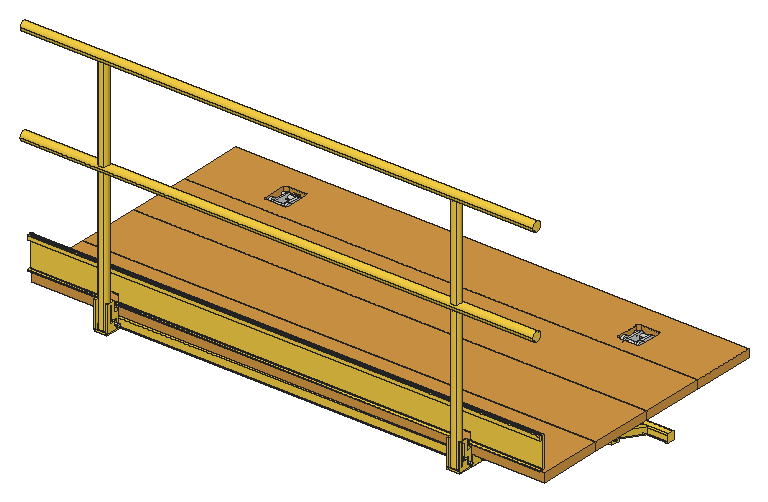
Revit family "MF_POURING PLATFORM_1904402", category Modelos genéricos, Revit 2018
Family settings
  Puede alojar armadura = No
  Cota de conector redondo = Diámetro de uso
  Tipo de pieza = Normal
  Número OmniClass = 35.51.14.00
  Título OmniClass = FORMWORK
  Se basa en plano de trabajo = Sí
  Siempre vertical = No
  Corte con vacíos al cargar = No
  Compartido = Sí
  Punto de cálculo de habitación = No
Parameters
  VERSION = "20170217"  # constant formula
  URL = "www.ulmaconstruction.com/en"
  UNICLASS = ""
  Fabricante = "ULMA CONSTRUCTION"  # constant formula
  ITEM_CODE = "1904402"
  FILTER [instance] = ""
  Default Elevation = 0.000 mm
  CLASSIFICATION_TITLE = ""
  CLASSIFICATION_NUMBER = ""
Reference planes
  plane 1 "Centro (Frontal/Posterior)": y = 0
  plane 2: z = 0
  plane 3 "Centro (Izquierda/Derecha)": x = 0
Forms (mm)
  Extrusion 1, solid, material "ULMA YELLOW"
    sketch origin (0, 0, 0) x (0, 1, 0) y (0, 0, 1)
      loop
        circle (-1123.62, 697.322) r 21
      loop
        circle (-1123.62, 1162.322) r 21
    from -1210 to 1210
  Extrusion 2, solid, material "ULMA YELLOW"
    sketch origin (0, 0, 0) x (1, 0, 0) y (0, 1, 0)
      loop
        arc (-845, -1107.128) -> (-853, -1123.62) -> (-845, -1140.112) r 21
        arc (-845, -1140.112) -> (-832, -1144.62) -> (-819, -1140.112) r 21
        arc (-819, -1140.112) -> (-811, -1123.62) -> (-819, -1107.128) r 21
        arc (-819, -1107.128) -> (-832, -1102.62) -> (-845, -1107.128) r 21
      loop
        arc (819, -1107.128) -> (811, -1123.62) -> (819, -1140.112) r 21
        arc (819, -1140.112) -> (832, -1144.62) -> (845, -1140.112) r 21
        arc (845, -1140.112) -> (853, -1123.62) -> (845, -1107.128) r 21
        arc (845, -1107.128) -> (832, -1102.62) -> (819, -1107.128) r 21
    from 18.322 to 684.322
  Extrusion 3, solid, material "ULMA YELLOW"
    sketch origin (0, 0, 465) x (1, 0, 0) y (0, 1, 0)
      loop
        arc (-845, -1107.128) -> (-853, -1123.62) -> (-845, -1140.112) r 21
        arc (-845, -1140.112) -> (-832, -1144.62) -> (-819, -1140.112) r 21
        arc (-819, -1140.112) -> (-811, -1123.62) -> (-819, -1107.128) r 21
        arc (-819, -1107.128) -> (-832, -1102.62) -> (-845, -1107.128) r 21
      loop
        arc (819, -1107.128) -> (811, -1123.62) -> (819, -1140.112) r 21
        arc (819, -1140.112) -> (832, -1144.62) -> (845, -1140.112) r 21
        arc (845, -1140.112) -> (853, -1123.62) -> (845, -1107.128) r 21
        arc (845, -1107.128) -> (832, -1102.62) -> (819, -1107.128) r 21
    from 245.322 to 684.322
  Extrusion 4, void
    sketch origin (0, 0, 0) x (0, 1, 0) y (0, 0, 1)
      loop
        circle (-1123.62, 697.322) r 21
    from 811 to 853
  Extrusion 5, void
    sketch origin (-1664, 0, 0) x (0, 1, 0) y (0, 0, 1)
      loop
        circle (-1123.62, 697.322) r 21
    from 811 to 853
  Extrusion 6, void
    sketch origin (0, 0, 465) x (0, 1, 0) y (0, 0, 1)
      loop
        arc (-1140.112, 684.322) -> (-1123.62, 676.322) -> (-1107.128, 684.322) r 21
        line (-1107.128, 684.322) -> (-1140.112, 684.322)
    from 811 to 853
  Extrusion 7, void
    sketch origin (-1663.963, 0, 465.039) x (0, 1, 0) y (0, 0, 1)
      loop
        arc (-1140.112, 684.322) -> (-1123.62, 676.322) -> (-1107.128, 684.322) r 21
        line (-1107.128, 684.322) -> (-1140.112, 684.322)
    from 811 to 853
  Extrusion 8, void
    sketch origin (-1664, 0, 465) x (0, 1, 0) y (0, 0, 1)
      loop
        arc (-1140.143, 684.361) -> (-1123.62, 676.322) -> (-1107.097, 684.361) r 21
        line (-1107.097, 684.361) -> (-1140.143, 684.361)
    from 811 to 853
  Extrusion 9, solid, material "ULMA YELLOW"
    sketch origin (0, 0, 0) x (1, 0, 0) y (0, 1, 0)
      loop
        line (-867, 130) -> (-867, 125) -> (-867, 120) -> (-797, 120) -> (-797, 125) -> (-797, 130) -> (-867, 130)
    from -40 to 60
  Extrusion 10, solid, material "ULMA YELLOW"
    sketch origin (1664, 0, 0) x (1, 0, 0) y (0, 1, 0)
      loop
        line (-867, 130) -> (-867, 125) -> (-867, 120) -> (-797, 120) -> (-797, 125) -> (-797, 130) -> (-867, 130)
    from -40 to 60
  Extrusion 11, solid, material "ULMA YELLOW"
    sketch origin (0, 0, 0) x (1, 0, 0) y (0, 0, 1)
      loop
        line (856, 60) -> (808, 60)
        arc (808, 60) -> (803.757, 58.243) -> (802, 54) r 6
        line (802, 54) -> (802, 6)
        arc (802, 6) -> (803.757, 1.757) -> (808, 0) r 6
        line (808, 0) -> (856, 0)
        arc (856, 0) -> (860.243, 1.757) -> (862, 6) r 6
        line (862, 6) -> (862, 54)
        arc (862, 54) -> (860.243, 58.243) -> (856, 60) r 6
    from -120 to 1030
  Extrusion 12, solid, material "ULMA YELLOW"
    sketch origin (-1664, 0, 0) x (1, 0, 0) y (0, 0, 1)
      loop
        line (856, 60) -> (808, 60)
        arc (808, 60) -> (803.757, 58.243) -> (802, 54) r 6
        line (802, 54) -> (802, 6)
        arc (802, 6) -> (803.757, 1.757) -> (808, 0) r 6
        line (808, 0) -> (856, 0)
        arc (856, 0) -> (860.243, 1.757) -> (862, 6) r 6
        line (862, 6) -> (862, 54)
        arc (862, 54) -> (860.243, 58.243) -> (856, 60) r 6
    from -120 to 1030
  Extrusion 13, solid, material "ULMA YELLOW"
    sketch origin (0, 0, 0) x (0, 1, 0) y (0, 0, 1)
      loop
        arc (-1080, 16) -> (-1078.243, 11.757) -> (-1074, 10) r 6
        line (-1074, 10) -> (-1036, 10)
        arc (-1036, 10) -> (-1031.757, 11.757) -> (-1030, 16) r 6
        line (-1030, 16) -> (-1030, 54)
        arc (-1030, 54) -> (-1031.757, 58.243) -> (-1036, 60) r 6
        line (-1036, 60) -> (-1074, 60)
        arc (-1074, 60) -> (-1078.243, 58.243) -> (-1080, 54) r 6
        line (-1080, 54) -> (-1080, 16)
    from -872.5 to 872.5
  Extrusion 14, solid, material "ULMA YELLOW"
    sketch origin (0, 0, 0) x (0, 1, 0) y (0, 0, 1)
      loop
        line (109, 60) -> (71, 60)
        arc (71, 60) -> (66.757, 58.243) -> (65, 54) r 6
        line (65, 54) -> (65, 16)
        arc (65, 16) -> (66.757, 11.757) -> (71, 10) r 6
        line (71, 10) -> (109, 10)
        arc (109, 10) -> (113.243, 11.757) -> (115, 16) r 6
        line (115, 16) -> (115, 54)
        arc (115, 54) -> (113.243, 58.243) -> (109, 60) r 6
    from -802 to 802
  Extrusion 15, solid, material "ULMA YELLOW", detail levels fine
    sketch origin (0, -27.607, -321.361) x (1, 0, 0) y (0, 0.313918, 0.94945)
      loop
        line (856, 40) -> (808, 40)
        arc (808, 40) -> (803.757, 38.243) -> (802, 34) r 6
        line (802, 34) -> (802, 6)
        arc (802, 6) -> (803.757, 1.757) -> (808, 0) r 6
        line (808, 0) -> (856, 0)
        arc (856, 0) -> (860.243, 1.757) -> (862, 6) r 6
        line (862, 6) -> (862, 34)
        arc (862, 34) -> (860.243, 38.243) -> (856, 40) r 6
    from 13.976 to 876.726
  Extrusion 16, solid, material "ULMA YELLOW", detail levels fine
    sketch origin (-1664, -27.607, -321.361) x (1, 0, 0) y (0, 0.313918, 0.94945)
      loop
        line (856, 40) -> (808, 40)
        arc (808, 40) -> (803.757, 38.243) -> (802, 34) r 6
        line (802, 34) -> (802, 6)
        arc (802, 6) -> (803.757, 1.757) -> (808, 0) r 6
        line (808, 0) -> (856, 0)
        arc (856, 0) -> (860.243, 1.757) -> (862, 6) r 6
        line (862, 6) -> (862, 34)
        arc (862, 34) -> (860.243, 38.243) -> (856, 40) r 6
    from 13.976 to 876.726
  Extrusion 17, void
    sketch origin (0, 0, 0) x (0, 1, 0) y (0, 0, 1)
      loop
        line (-41.589, -319.129) -> (-28.32, -278.996) -> (-41.589, -274.608) -> (-41.589, -319.129)
    from 801.5 to 862.5
  Extrusion 18, void
    sketch origin (0, 0, 0) x (0, 1, 0) y (0, 0, 1)
      loop
        line (-41.589, -274.608) -> (-41.589, -319.129) -> (-28.32, -278.996) -> (-41.589, -274.608)
    from -801.5 to -862.5
  Extrusion 19, solid, material "ULMA YELLOW", detail levels fine
    sketch origin (0, 0, 0) x (0, 1, 0) y (0, 0, 1)
      loop
        arc (-35.591, -276.738) -> (-39.891, -278.553) -> (-41.589, -282.9) r 6
        line (-41.589, -282.9) -> (-41.589, -310.738)
        arc (-41.589, -310.738) -> (-39.774, -315.038) -> (-35.427, -316.736) r 6
        line (-35.427, -316.736) -> (-7.589, -316.736)
        arc (-7.589, -316.736) -> (-3.289, -314.92) -> (-1.591, -310.573) r 6
        line (-1.591, -310.573) -> (-1.591, -282.736)
        arc (-1.591, -282.736) -> (-3.406, -278.436) -> (-7.754, -276.738) r 6
        line (-7.754, -276.738) -> (-35.591, -276.738)
    from 577 to 962
  Extrusion 20, solid, material "ULMA YELLOW", detail levels fine
    sketch origin (-1539, 0, 0) x (0, 1, 0) y (0, 0, 1)
      loop
        arc (-35.591, -276.738) -> (-39.891, -278.553) -> (-41.589, -282.9) r 6
        line (-41.589, -282.9) -> (-41.589, -310.738)
        arc (-41.589, -310.738) -> (-39.774, -315.038) -> (-35.427, -316.736) r 6
        line (-35.427, -316.736) -> (-7.589, -316.736)
        arc (-7.589, -316.736) -> (-3.289, -314.92) -> (-1.591, -310.573) r 6
        line (-1.591, -310.573) -> (-1.591, -282.736)
        arc (-1.591, -282.736) -> (-3.406, -278.436) -> (-7.754, -276.738) r 6
        line (-7.754, -276.738) -> (-35.591, -276.738)
    from 577 to 962
  Extrusion 21, solid, material "ULMA YELLOW", detail levels fine
    sketch origin (0, 0, 0) x (0, 1, 0) y (0, 0, 1)
      loop
        line (-269.042, -250.378) -> (-266.065, -250.751) -> (-232.329, -254.979) -> (-229.352, -255.353) -> (-219.986, -180.617) -> (-192.046, 42.319) -> (-195.023, 42.692) -> (-228.759, 46.92) -> (-231.736, 47.293) -> (-269.042, -250.378)
    from 785.5 to 802
  Extrusion 22, solid, material "ULMA YELLOW", detail levels fine
    sketch origin (78, 0, 0) x (0, 1, 0) y (0, 0, 1)
      loop
        line (-269.042, -250.378) -> (-266.065, -250.751) -> (-232.329, -254.979) -> (-229.352, -255.353) -> (-219.986, -180.617) -> (-192.046, 42.319) -> (-195.023, 42.692) -> (-228.759, 46.92) -> (-231.736, 47.293) -> (-269.042, -250.378)
    from 785.5 to 802
  Extrusion 23, solid, material "ULMA YELLOW", detail levels fine
    sketch origin (-1586, 0, 0) x (0, 1, 0) y (0, 0, 1)
      loop
        line (-269.042, -250.378) -> (-266.065, -250.751) -> (-232.329, -254.979) -> (-229.352, -255.353) -> (-219.986, -180.617) -> (-192.046, 42.319) -> (-195.023, 42.692) -> (-228.759, 46.92) -> (-231.736, 47.293) -> (-269.042, -250.378)
    from 785.5 to 802
  Extrusion 24, solid, material "ULMA YELLOW", detail levels fine
    sketch origin (-1664, 0, 0) x (0, 1, 0) y (0, 0, 1)
      loop
        line (-269.042, -250.378) -> (-266.065, -250.751) -> (-232.329, -254.979) -> (-229.352, -255.353) -> (-219.986, -180.617) -> (-192.046, 42.319) -> (-195.023, 42.692) -> (-228.759, 46.92) -> (-231.736, 47.293) -> (-269.042, -250.378)
    from 785.5 to 802
  Extrusion 25, solid, material "ULMA YELLOW", detail levels fine
    sketch origin (0, 0, 0) x (0, 1, 0) y (0, 0, 1)
      loop
        line (-215.673, -146.206) -> (-219.404, -175.973) -> (-214.443, -176.595) -> (-210.712, -146.828) -> (-215.673, -146.206)
    from 788 to 876
  Extrusion 26, solid, material "ULMA YELLOW", detail levels fine
    sketch origin (0, 0, 0) x (0, 1, 0) y (0, 0, 1)
      loop
        line (-198.264, -7.293) -> (-163.536, -11.645)
        arc (-163.536, -11.645) -> (-148.775, -7.592) -> (-141.204, 5.712) r 20
        line (-141.204, 5.712) -> (-139.96, 15.635)
        arc (-139.96, 15.635) -> (-144.014, 30.396) -> (-157.318, 37.967) r 20
        line (-157.318, 37.967) -> (-192.046, 42.319) -> (-198.264, -7.293)
    from 868.5 to 873.5
  Extrusion 27, solid, material "ULMA YELLOW", detail levels fine
    sketch origin (-1664, 0, 0) x (0, 1, 0) y (0, 0, 1)
      loop
        line (-215.673, -146.206) -> (-219.404, -175.973) -> (-214.443, -176.595) -> (-210.712, -146.828) -> (-215.673, -146.206)
    from 788 to 876
  Extrusion 28, solid, material "ULMA YELLOW", detail levels fine
    sketch origin (-78, 0, 0) x (0, 1, 0) y (0, 0, 1)
      loop
        line (-198.264, -7.293) -> (-163.536, -11.645)
        arc (-163.536, -11.645) -> (-148.775, -7.592) -> (-141.204, 5.712) r 20
        line (-141.204, 5.712) -> (-139.96, 15.635)
        arc (-139.96, 15.635) -> (-144.014, 30.396) -> (-157.318, 37.967) r 20
        line (-157.318, 37.967) -> (-192.046, 42.319) -> (-198.264, -7.293)
    from 868.5 to 873.5
  Extrusion 29, solid, material "ULMA YELLOW", detail levels fine
    sketch origin (-1664, 0, 0) x (0, 1, 0) y (0, 0, 1)
      loop
        line (-198.264, -7.293) -> (-163.536, -11.645)
        arc (-163.536, -11.645) -> (-148.775, -7.592) -> (-141.204, 5.712) r 20
        line (-141.204, 5.712) -> (-139.96, 15.635)
        arc (-139.96, 15.635) -> (-144.014, 30.396) -> (-157.318, 37.967) r 20
        line (-157.318, 37.967) -> (-192.046, 42.319) -> (-198.264, -7.293)
    from 868.5 to 873.5
  Extrusion 30, solid, material "ULMA YELLOW", detail levels fine
    sketch origin (-1742, 0, 0) x (0, 1, 0) y (0, 0, 1)
      loop
        line (-198.264, -7.293) -> (-163.536, -11.645)
        arc (-163.536, -11.645) -> (-148.775, -7.592) -> (-141.204, 5.712) r 20
        line (-141.204, 5.712) -> (-139.96, 15.635)
        arc (-139.96, 15.635) -> (-144.014, 30.396) -> (-157.318, 37.967) r 20
        line (-157.318, 37.967) -> (-192.046, 42.319) -> (-198.264, -7.293)
    from 868.5 to 873.5
  Extrusion 31, solid, material "ULMA ZINC", detail levels fine
    sketch origin (0, 0, 0) x (0, 1, 0) y (0, 0, 1)
      loop
        line (-37.334, 14.609) -> (-31.953, 14.882) -> (-26.527, 15.157) -> (-21.146, 15.43) -> (-19.191, 19.251) -> (-14.959, 27.523) -> (-13.257, 30.849) -> (-15.287, 33.987) -> (-20.334, 41.788) -> (-22.666, 45.391) -> (-28.047, 45.118) -> (-33.473, 44.843) -> (-38.854, 44.57) -> (-40.809, 40.749) -> (-45.041, 32.477) -> (-46.743, 29.151) -> (-44.713, 26.013) -> (-39.666, 18.212) -> (-37.334, 14.609)
    from 874 to 889
  Extrusion 32, solid, material "ULMA ZINC", detail levels fine
    sketch origin (0, 0, 0) x (0, 1, 0) y (0, 0, 1)
      loop
        line (-206.232, 7.53) -> (-200.622, 14.936) -> (-198.365, 17.915) -> (-199.817, 21.359) -> (-203.426, 29.92) -> (-205.093, 33.876) -> (-210.439, 34.546) -> (-215.83, 35.221) -> (-221.177, 35.891) -> (-223.768, 32.47) -> (-229.378, 25.064) -> (-231.635, 22.085) -> (-230.183, 18.641) -> (-226.574, 10.08) -> (-224.907, 6.124) -> (-219.561, 5.454) -> (-214.17, 4.779) -> (-208.823, 4.109) -> (-206.232, 7.53)
    from 893.5 to 878.5
  Extrusion 33, solid, material "ULMA ZINC", detail levels fine
    sketch origin (0, 0, 0) x (0, 1, 0) y (0, 0, 1)
      loop
        line (-826.764, -49.897) -> (-818.717, -45.251) -> (-815, -43.105) -> (-815, -37.717) -> (-815, -32.283) -> (-815, -26.895) -> (-818.717, -24.749) -> (-826.764, -20.103) -> (-830, -18.235) -> (-833.236, -20.103) -> (-841.283, -24.749) -> (-845, -26.895) -> (-845, -32.283) -> (-845, -37.717) -> (-845, -43.105) -> (-841.283, -45.251) -> (-833.236, -49.897) -> (-830, -51.765) -> (-826.764, -49.897)
    from 778.5 to 791.1
  Extrusion 34, solid, material "ULMA ZINC", detail levels fine
    sketch origin (0, 0, 0) x (0, 1, 0) y (0, 0, 1)
      loop
        line (-984.764, 15.103) -> (-976.717, 19.749) -> (-973, 21.895) -> (-973, 27.283) -> (-973, 32.717) -> (-973, 38.105) -> (-976.717, 40.251) -> (-984.764, 44.897) -> (-988, 46.765) -> (-991.236, 44.897) -> (-999.283, 40.251) -> (-1003, 38.105) -> (-1003, 32.717) -> (-1003, 27.283) -> (-1003, 21.895) -> (-999.283, 19.749) -> (-991.236, 15.103) -> (-988, 13.235) -> (-984.764, 15.103)
    from 889 to 874
  Extrusion 35, solid, material "ULMA ZINC", detail levels fine
    sketch origin (94, 0, 0) x (0, 1, 0) y (0, 0, 1)
      loop
        line (-826.764, -49.897) -> (-818.717, -45.251) -> (-815, -43.105) -> (-815, -37.717) -> (-815, -32.283) -> (-815, -26.895) -> (-818.717, -24.749) -> (-826.764, -20.103) -> (-830, -18.235) -> (-833.236, -20.103) -> (-841.283, -24.749) -> (-845, -26.895) -> (-845, -32.283) -> (-845, -37.717) -> (-845, -43.105) -> (-841.283, -45.251) -> (-833.236, -49.897) -> (-830, -51.765) -> (-826.764, -49.897)
    from 778.5 to 793.5
  Extrusion 36, solid, material "ULMA ZINC", detail levels fine
    sketch origin (-1666, 0, 0) x (0, 1, 0) y (0, 0, 1)
      loop
        line (-826.764, -49.897) -> (-818.717, -45.251) -> (-815, -43.105) -> (-815, -37.717) -> (-815, -32.283) -> (-815, -26.895) -> (-818.717, -24.749) -> (-826.764, -20.103) -> (-830, -18.235) -> (-833.236, -20.103) -> (-841.283, -24.749) -> (-845, -26.895) -> (-845, -32.283) -> (-845, -37.717) -> (-845, -43.105) -> (-841.283, -45.251) -> (-833.236, -49.897) -> (-830, -51.765) -> (-826.764, -49.897)
    from 778.5 to 793.5
  Extrusion 37, solid, material "ULMA ZINC", detail levels fine
    sketch origin (-1572, 0, 0) x (0, 1, 0) y (0, 0, 1)
      loop
        line (-826.764, -49.897) -> (-818.717, -45.251) -> (-815, -43.105) -> (-815, -37.717) -> (-815, -32.283) -> (-815, -26.895) -> (-818.717, -24.749) -> (-826.764, -20.103) -> (-830, -18.235) -> (-833.236, -20.103) -> (-841.283, -24.749) -> (-845, -26.895) -> (-845, -32.283) -> (-845, -37.717) -> (-845, -43.105) -> (-841.283, -45.251) -> (-833.236, -49.897) -> (-830, -51.765) -> (-826.764, -49.897)
    from 780.9 to 793.5
  Extrusion 38, solid, material "ULMA ZINC", detail levels fine
    sketch origin (-108.4, 0, 0) x (0, 1, 0) y (0, 0, 1)
      loop
        line (-206.232, 7.53) -> (-200.622, 14.936) -> (-198.365, 17.915) -> (-199.817, 21.359) -> (-203.426, 29.92) -> (-205.093, 33.876) -> (-210.439, 34.546) -> (-215.83, 35.221) -> (-221.177, 35.891) -> (-223.768, 32.47) -> (-229.378, 25.064) -> (-231.635, 22.085) -> (-230.183, 18.641) -> (-226.574, 10.08) -> (-224.907, 6.124) -> (-219.561, 5.454) -> (-214.17, 4.779) -> (-208.823, 4.109) -> (-206.232, 7.53)
    from 893.5 to 880.9
  Extrusion 39, solid, material "ULMA ZINC", detail levels fine
    sketch origin (-1666, 0, 0) x (0, 1, 0) y (0, 0, 1)
      loop
        line (-206.232, 7.53) -> (-200.622, 14.936) -> (-198.365, 17.915) -> (-199.817, 21.359) -> (-203.426, 29.92) -> (-205.093, 33.876) -> (-210.439, 34.546) -> (-215.83, 35.221) -> (-221.177, 35.891) -> (-223.768, 32.47) -> (-229.378, 25.064) -> (-231.635, 22.085) -> (-230.183, 18.641) -> (-226.574, 10.08) -> (-224.907, 6.124) -> (-219.561, 5.454) -> (-214.17, 4.779) -> (-208.823, 4.109) -> (-206.232, 7.53)
    from 893.5 to 880.9
  Extrusion 40, solid, material "ULMA ZINC", detail levels fine
    sketch origin (-1774.4, 0, 0) x (0, 1, 0) y (0, 0, 1)
      loop
        line (-206.232, 7.53) -> (-200.622, 14.936) -> (-198.365, 17.915) -> (-199.817, 21.359) -> (-203.426, 29.92) -> (-205.093, 33.876) -> (-210.439, 34.546) -> (-215.83, 35.221) -> (-221.177, 35.891) -> (-223.768, 32.47) -> (-229.378, 25.064) -> (-231.635, 22.085) -> (-230.183, 18.641) -> (-226.574, 10.08) -> (-224.907, 6.124) -> (-219.561, 5.454) -> (-214.17, 4.779) -> (-208.823, 4.109) -> (-206.232, 7.53)
    from 895.9 to 880.9
  Extrusion 41, solid, material "ULMA ZINC", detail levels fine
    sketch origin (-97, 0, 0) x (0, 1, 0) y (0, 0, 1)
      loop
        line (-984.764, 15.103) -> (-976.717, 19.749) -> (-973, 21.895) -> (-973, 27.283) -> (-973, 32.717) -> (-973, 38.105) -> (-976.717, 40.251) -> (-984.764, 44.897) -> (-988, 46.765) -> (-991.236, 44.897) -> (-999.283, 40.251) -> (-1003, 38.105) -> (-1003, 32.717) -> (-1003, 27.283) -> (-1003, 21.895) -> (-999.283, 19.749) -> (-991.236, 15.103) -> (-988, 13.235) -> (-984.764, 15.103)
    from 886.6 to 874
  Extrusion 42, solid, material "ULMA ZINC", detail levels fine
    sketch origin (-1525, 0, 0) x (0, 1, 0) y (0, 0, 1)
      loop
        line (-984.764, 15.103) -> (-976.717, 19.749) -> (-973, 21.895) -> (-973, 27.283) -> (-973, 32.717) -> (-973, 38.105) -> (-976.717, 40.251) -> (-984.764, 44.897) -> (-988, 46.765) -> (-991.236, 44.897) -> (-999.283, 40.251) -> (-1003, 38.105) -> (-1003, 32.717) -> (-1003, 27.283) -> (-1003, 21.895) -> (-999.283, 19.749) -> (-991.236, 15.103) -> (-988, 13.235) -> (-984.764, 15.103)
    from 735.4 to 748
  Extrusion 43, solid, material "ULMA ZINC", detail levels fine
    sketch origin (-1622, 0, 0) x (0, 1, 0) y (0, 0, 1)
      loop
        line (-984.764, 15.103) -> (-976.717, 19.749) -> (-973, 21.895) -> (-973, 27.283) -> (-973, 32.717) -> (-973, 38.105) -> (-976.717, 40.251) -> (-984.764, 44.897) -> (-988, 46.765) -> (-991.236, 44.897) -> (-999.283, 40.251) -> (-1003, 38.105) -> (-1003, 32.717) -> (-1003, 27.283) -> (-1003, 21.895) -> (-999.283, 19.749) -> (-991.236, 15.103) -> (-988, 13.235) -> (-984.764, 15.103)
    from 733 to 748
  Extrusion 44, solid, material "ULMA ZINC", detail levels fine
    sketch origin (-145, 0, 0) x (0, 1, 0) y (0, 0, 1)
      loop
        line (-37.334, 14.609) -> (-31.953, 14.882) -> (-26.527, 15.157) -> (-21.146, 15.43) -> (-19.191, 19.251) -> (-14.959, 27.523) -> (-13.257, 30.849) -> (-15.287, 33.987) -> (-20.334, 41.788) -> (-22.666, 45.391) -> (-28.047, 45.118) -> (-33.473, 44.843) -> (-38.854, 44.57) -> (-40.809, 40.749) -> (-45.041, 32.477) -> (-46.743, 29.151) -> (-44.713, 26.013) -> (-39.666, 18.212) -> (-37.334, 14.609)
    from 922 to 934.6
  Extrusion 45, solid, material "ULMA ZINC", detail levels fine
    sketch origin (-1625, 0, 0) x (0, 1, 0) y (0, 0, 1)
      loop
        line (-37.334, 14.609) -> (-31.953, 14.882) -> (-26.527, 15.157) -> (-21.146, 15.43) -> (-19.191, 19.251) -> (-14.959, 27.523) -> (-13.257, 30.849) -> (-15.287, 33.987) -> (-20.334, 41.788) -> (-22.666, 45.391) -> (-28.047, 45.118) -> (-33.473, 44.843) -> (-38.854, 44.57) -> (-40.809, 40.749) -> (-45.041, 32.477) -> (-46.743, 29.151) -> (-44.713, 26.013) -> (-39.666, 18.212) -> (-37.334, 14.609)
    from 835.4 to 848
  Extrusion 46, solid, material "ULMA ZINC", detail levels fine
    sketch origin (-1925, 0, 0) x (0, 1, 0) y (0, 0, 1)
      loop
        line (-37.334, 14.609) -> (-31.953, 14.882) -> (-26.527, 15.157) -> (-21.146, 15.43) -> (-19.191, 19.251) -> (-14.959, 27.523) -> (-13.257, 30.849) -> (-15.287, 33.987) -> (-20.334, 41.788) -> (-22.666, 45.391) -> (-28.047, 45.118) -> (-33.473, 44.843) -> (-38.854, 44.57) -> (-40.809, 40.749) -> (-45.041, 32.477) -> (-46.743, 29.151) -> (-44.713, 26.013) -> (-39.666, 18.212) -> (-37.334, 14.609)
    from 1051 to 1036
  Extrusion 47, solid, material "ULMA ZINC", detail levels fine
    sketch origin (0, 0, 0) x (0, 1, 0) y (0, 0, 1)
      loop
        circle (-830, -35) r 10
    from 791.1 to 901.5
  Extrusion 48, solid, material "ULMA ZINC", detail levels fine
    sketch origin (0, 0, 0) x (0, 1, 0) y (0, 0, 1)
      loop
        circle (-988, 30) r 10
    from 900 to 789.6
  Extrusion 49, solid, material "ULMA ZINC", detail levels fine
    sketch origin (0, 0, 0) x (0, 1, 0) y (0, 0, 1)
      loop
        circle (-215, 20) r 10
    from 905.5 to 785.1
  Extrusion 50, solid, material "ULMA ZINC", detail levels fine
    sketch origin (0, 0, 0) x (0, 1, 0) y (0, 0, 1)
      loop
        circle (-30, 30) r 10
    from 900 to 789.6
  Extrusion 51, solid, material "ULMA ZINC", detail levels fine
    sketch origin (-1692.897, 0, 0) x (0, 1, 0) y (0, 0, 1)
      loop
        circle (-830, -35) r 10
    from 791.397 to 901.797
  Extrusion 52, solid, material "ULMA ZINC", detail levels fine
    sketch origin (-1691.411, 0, 0) x (0, 1, 0) y (0, 0, 1)
      loop
        circle (-215, 20) r 10
    from 906.311 to 785.911
  Extrusion 53, solid, material "ULMA ZINC", detail levels fine
    sketch origin (-1810, 0, 0) x (0, 1, 0) y (0, 0, 1)
      loop
        circle (-988, 30) r 10
    from 910 to 1020
  Extrusion 54, solid, material "ULMA ZINC", detail levels fine
    sketch origin (-1825, 0, 0) x (0, 1, 0) y (0, 0, 1)
      loop
        circle (-30, 30) r 10
    from 925 to 1035.4
  Extrusion 55, solid, material "ULMA YELLOW", detail levels fine
    sketch origin (0, 0, 0) x (0, 1, 0) y (0, 0, 1)
      loop
        line (-805, -65) -> (-805, 35) -> (-855, 35) -> (-855, -65) -> (-805, -65)
    from 862.5 to 872.5
  Extrusion 56, solid, material "ULMA YELLOW", detail levels fine
    sketch origin (-71, 0, 0) x (0, 1, 0) y (0, 0, 1)
      loop
        line (-805, -65) -> (-805, 35) -> (-855, 35) -> (-855, -65) -> (-805, -65)
    from 862.5 to 872.5
  Extrusion 57, solid, material "ULMA YELLOW", detail levels fine
    sketch origin (-1664, 0, 0) x (0, 1, 0) y (0, 0, 1)
      loop
        line (-805, -65) -> (-805, 35) -> (-855, 35) -> (-855, -65) -> (-805, -65)
    from 862.5 to 872.5
  Extrusion 58, solid, material "ULMA YELLOW", detail levels fine
    sketch origin (-1735, 0, 0) x (0, 1, 0) y (0, 0, 1)
      loop
        line (-805, -65) -> (-805, 35) -> (-855, 35) -> (-855, -65) -> (-805, -65)
    from 862.5 to 872.5
  Extrusion 59, solid, material "ULMA ZINC", detail levels fine
    sketch origin (0, -2.729, -2.501) x (0, 0.996195, -0.087156) y (0, 0.087156, 0.996195)
      loop
        line (-106.172, 60) -> (-69.591, -63)
        arc (-69.591, -63) -> (-46.19, -90.231) -> (-11.429, -99.225) r 60
        line (-11.429, -99.225) -> (21.528, -97.553) -> (33.13, -92.216)
        arc (33.13, -92.216) -> (35.317, -90.263) -> (36.033, -87.42) r 5
        line (36.033, -87.42) -> (34.989, -66.832)
        arc (34.989, -66.832) -> (33.347, -63.375) -> (29.742, -62.092) r 5
        line (29.742, -62.092) -> (6.772, -63.257)
        arc (6.772, -63.257) -> (-1.881, -60.177) -> (-5.821, -51.88) r 12
        line (-5.821, -51.88) -> (-10.026, 31.013)
        arc (-10.026, 31.013) -> (-12.357, 39.42) -> (-18.046, 46.034) r 20
        line (-18.046, 46.034) -> (-36.778, 60) -> (-78.403, 91.034)
        arc (-78.403, 91.034) -> (-99.777, 92.643) -> (-110.332, 73.987) r 20
        line (-110.332, 73.987) -> (-106.172, 60)
    from 790 to 800
  Extrusion 60, solid, material "ULMA ZINC", detail levels fine
    sketch origin (0, -5.044, -0.525) x (0, 0.997757, -0.066947) y (0, 0.066947, 0.997757)
      loop
        arc (-10.357, 60) -> (4.643, 75) -> (-10.357, 90) r 15
        line (-10.357, 90) -> (-90.357, 90)
        arc (-90.357, 90) -> (-105.357, 75) -> (-90.357, 60) r 15
        line (-90.357, 60) -> (-10.357, 60)
    from 852.5 to 862.5
  Extrusion 61, solid, material "ULMA ZINC", detail levels fine
    sketch origin (0, 0, 0) x (0, 1, 0) y (0, 0, 1)
      loop
        circle (-10.357, 75) r 10
    from 786 to 878
  Extrusion 62, solid, material "ULMA ZINC", detail levels fine
    sketch origin (74, -2.729, -2.501) x (0, 0.996195, -0.087156) y (0, 0.087156, 0.996195)
      loop
        line (-106.172, 60) -> (-69.591, -63)
        arc (-69.591, -63) -> (-46.19, -90.231) -> (-11.429, -99.225) r 60
        line (-11.429, -99.225) -> (21.528, -97.553) -> (33.13, -92.216)
        arc (33.13, -92.216) -> (35.317, -90.263) -> (36.033, -87.42) r 5
        line (36.033, -87.42) -> (34.989, -66.832)
        arc (34.989, -66.832) -> (33.347, -63.375) -> (29.742, -62.092) r 5
        line (29.742, -62.092) -> (6.772, -63.257)
        arc (6.772, -63.257) -> (-1.881, -60.177) -> (-5.821, -51.88) r 12
        line (-5.821, -51.88) -> (-10.026, 31.013)
        arc (-10.026, 31.013) -> (-12.357, 39.42) -> (-18.046, 46.034) r 20
        line (-18.046, 46.034) -> (-36.778, 60) -> (-78.403, 91.034)
        arc (-78.403, 91.034) -> (-99.777, 92.643) -> (-110.332, 73.987) r 20
        line (-110.332, 73.987) -> (-106.172, 60)
    from 790 to 800
  Extrusion 63, solid, material "ULMA ZINC", detail levels fine
    sketch origin (-1590, -2.729, -2.501) x (0, 0.996195, -0.087156) y (0, 0.087156, 0.996195)
      loop
        line (-106.172, 60) -> (-69.591, -63)
        arc (-69.591, -63) -> (-46.19, -90.231) -> (-11.429, -99.225) r 60
        line (-11.429, -99.225) -> (21.528, -97.553) -> (33.13, -92.216)
        arc (33.13, -92.216) -> (35.317, -90.263) -> (36.033, -87.42) r 5
        line (36.033, -87.42) -> (34.989, -66.832)
        arc (34.989, -66.832) -> (33.347, -63.375) -> (29.742, -62.092) r 5
        line (29.742, -62.092) -> (6.772, -63.257)
        arc (6.772, -63.257) -> (-1.881, -60.177) -> (-5.821, -51.88) r 12
        line (-5.821, -51.88) -> (-10.026, 31.013)
        arc (-10.026, 31.013) -> (-12.357, 39.42) -> (-18.046, 46.034) r 20
        line (-18.046, 46.034) -> (-36.778, 60) -> (-78.403, 91.034)
        arc (-78.403, 91.034) -> (-99.777, 92.643) -> (-110.332, 73.987) r 20
        line (-110.332, 73.987) -> (-106.172, 60)
    from 790 to 800
  Extrusion 64, solid, material "ULMA ZINC", detail levels fine
    sketch origin (-1664, -2.729, -2.501) x (0, 0.996195, -0.087156) y (0, 0.087156, 0.996195)
      loop
        line (-106.172, 60) -> (-69.591, -63)
        arc (-69.591, -63) -> (-46.19, -90.231) -> (-11.429, -99.225) r 60
        line (-11.429, -99.225) -> (21.528, -97.553) -> (33.13, -92.216)
        arc (33.13, -92.216) -> (35.317, -90.263) -> (36.033, -87.42) r 5
        line (36.033, -87.42) -> (34.989, -66.832)
        arc (34.989, -66.832) -> (33.347, -63.375) -> (29.742, -62.092) r 5
        line (29.742, -62.092) -> (6.772, -63.257)
        arc (6.772, -63.257) -> (-1.881, -60.177) -> (-5.821, -51.88) r 12
        line (-5.821, -51.88) -> (-10.026, 31.013)
        arc (-10.026, 31.013) -> (-12.357, 39.42) -> (-18.046, 46.034) r 20
        line (-18.046, 46.034) -> (-36.778, 60) -> (-78.403, 91.034)
        arc (-78.403, 91.034) -> (-99.777, 92.643) -> (-110.332, 73.987) r 20
        line (-110.332, 73.987) -> (-106.172, 60)
    from 790 to 800
  Extrusion 65, solid, material "ULMA ZINC", detail levels fine
    sketch origin (-51, -5.044, -0.525) x (0, 0.997757, -0.066947) y (0, 0.066947, 0.997757)
      loop
        arc (-10.357, 60) -> (4.643, 75) -> (-10.357, 90) r 15
        line (-10.357, 90) -> (-90.357, 90)
        arc (-90.357, 90) -> (-105.357, 75) -> (-90.357, 60) r 15
        line (-90.357, 60) -> (-10.357, 60)
    from 852.5 to 862.5
  Extrusion 66, solid, material "ULMA ZINC", detail levels fine
    sketch origin (-1638.482, -5.044, -0.525) x (0, 0.997757, -0.066947) y (0, 0.066947, 0.997757)
      loop
        arc (-10.357, 60) -> (4.643, 75) -> (-10.357, 90) r 15
        line (-10.357, 90) -> (-90.357, 90)
        arc (-90.357, 90) -> (-105.357, 75) -> (-90.357, 60) r 15
        line (-90.357, 60) -> (-10.357, 60)
    from 826.982 to 836.982
  Extrusion 67, solid, material "ULMA ZINC", detail levels fine
    sketch origin (-1689.482, -5.044, -0.525) x (0, 0.997757, -0.066947) y (0, 0.066947, 0.997757)
      loop
        arc (-10.357, 60) -> (4.643, 75) -> (-10.357, 90) r 15
        line (-10.357, 90) -> (-90.357, 90)
        arc (-90.357, 90) -> (-105.357, 75) -> (-90.357, 60) r 15
        line (-90.357, 60) -> (-10.357, 60)
    from 826.982 to 836.982
  Extrusion 68, solid, material "ULMA ZINC", detail levels fine
    sketch origin (-1664, 0, 0) x (0, 1, 0) y (0, 0, 1)
      loop
        circle (-10.357, 75) r 10
    from 786 to 878
  Extrusion 69, solid, material "ULMA ZINC", detail levels fine
    sketch origin (0, -75.848, 5.089) x (0, 1, 0) y (0, 0, 1)
      loop
        circle (-10.357, 75) r 10
    from 786 to 878
  Extrusion 70, solid, material "ULMA ZINC", detail levels fine
    sketch origin (-1664, -75.848, 5.089) x (0, 1, 0) y (0, 0, 1)
      loop
        circle (-10.357, 75) r 10
    from 786 to 878
  Extrusion 71, solid, material "ULMA ZINC", detail levels fine
    sketch origin (0, -897.699, 0) x (0, 1, 0) y (0, 0, 1)
      loop
        circle (-10.357, 75) r 10
    from 786 to 878
  Extrusion 72, solid, material "ULMA ZINC", detail levels fine
    sketch origin (-1664, -897.699, 0) x (0, 1, 0) y (0, 0, 1)
      loop
        circle (-10.357, 75) r 10
    from 786 to 878
  Extrusion 73, solid, material "ULMA ZINC", detail levels fine
    sketch origin (0, -977.643, 3) x (0, 1, 0) y (0, 0, 1)
      loop
        circle (-10.357, 75) r 10
    from 786 to 878
  Extrusion 74, solid, material "ULMA ZINC", detail levels fine
    sketch origin (-1664, -977.643, 3) x (0, 1, 0) y (0, 0, 1)
      loop
        circle (-10.357, 75) r 10
    from 786 to 878
  Extrusion 75, solid, material "ULMA ZINC", detail levels fine
    sketch origin (0, 0, 0) x (0, 1, 0) y (0, 0, 1)
      loop
        line (-907.494, 89.989) -> (-987.438, 92.989)
        arc (-987.438, 92.989) -> (-1002.989, 78.562) -> (-988.563, 63.011) r 15
        line (-988.563, 63.011) -> (-908.619, 60.011)
        arc (-908.619, 60.011) -> (-893.067, 74.437) -> (-907.494, 89.989) r 15
    from 852.5 to 862.5
  Extrusion 76, solid, material "ULMA ZINC", detail levels fine
    sketch origin (-51, 0, 0) x (0, 1, 0) y (0, 0, 1)
      loop
        line (-907.494, 89.989) -> (-987.438, 92.989)
        arc (-987.438, 92.989) -> (-1002.989, 78.562) -> (-988.563, 63.011) r 15
        line (-988.563, 63.011) -> (-908.619, 60.011)
        arc (-908.619, 60.011) -> (-893.067, 74.437) -> (-907.494, 89.989) r 15
    from 852.5 to 862.5
  Extrusion 77, solid, material "ULMA ZINC", detail levels fine
    sketch origin (-1664, 0, 0) x (0, 1, 0) y (0, 0, 1)
      loop
        line (-907.494, 89.989) -> (-987.438, 92.989)
        arc (-987.438, 92.989) -> (-1002.989, 78.562) -> (-988.563, 63.011) r 15
        line (-988.563, 63.011) -> (-908.619, 60.011)
        arc (-908.619, 60.011) -> (-893.067, 74.437) -> (-907.494, 89.989) r 15
    from 852.5 to 862.5
  Extrusion 78, solid, material "ULMA ZINC", detail levels fine
    sketch origin (-1715, 0, 0) x (0, 1, 0) y (0, 0, 1)
      loop
        line (-907.494, 89.989) -> (-987.438, 92.989)
        arc (-987.438, 92.989) -> (-1002.989, 78.562) -> (-988.563, 63.011) r 15
        line (-988.563, 63.011) -> (-908.619, 60.011)
        arc (-908.619, 60.011) -> (-893.067, 74.437) -> (-907.494, 89.989) r 15
    from 852.5 to 862.5
  Extrusion 79, solid, material "ULMA ZINC", detail levels fine
    sketch origin (0, 0, 0) x (0, 1, 0) y (0, 0, 1)
      loop
        line (-1008, 9) -> (-968, 9) -> (-968, 60) -> (-968, 99) -> (-1008, 99) -> (-1008, 60) -> (-1008, 9)
    from -874 to -864
  Extrusion 80, solid, material "ULMA ZINC", detail levels fine
    sketch origin (74, 0, 0) x (0, 1, 0) y (0, 0, 1)
      loop
        line (-1008, 9) -> (-968, 9) -> (-968, 60) -> (-968, 99) -> (-1008, 99) -> (-1008, 60) -> (-1008, 9)
    from -874 to -864
  Extrusion 81, solid, material "ULMA ZINC", detail levels fine
    sketch origin (1664, 0, 0) x (0, 1, 0) y (0, 0, 1)
      loop
        line (-1008, 9) -> (-968, 9) -> (-968, 60) -> (-968, 99) -> (-1008, 99) -> (-1008, 60) -> (-1008, 9)
    from -874 to -864
  Extrusion 82, solid, material "ULMA ZINC", detail levels fine
    sketch origin (1738, 0, 0) x (0, 1, 0) y (0, 0, 1)
      loop
        line (-1008, 9) -> (-968, 9) -> (-968, 60) -> (-968, 99) -> (-1008, 99) -> (-1008, 60) -> (-1008, 9)
    from -874 to -864
  Extrusion 83, solid, material "ULMA YELLOW", detail levels fine
    sketch origin (0, 0, 0) x (0, 1, 0) y (0, 0, 1)
      loop
        line (-1142, 10) -> (-1142, 2) -> (-1032, 2) -> (-1032, 10) -> (-1142, 10)
    from 802 to 862
  Extrusion 84, solid, material "ULMA YELLOW", detail levels fine
    sketch origin (-1664, 0, 0) x (0, 1, 0) y (0, 0, 1)
      loop
        line (-1142, 10) -> (-1142, 2) -> (-1032, 2) -> (-1032, 10) -> (-1142, 10)
    from 802 to 862
  Extrusion 85, solid, material "ULMA YELLOW", detail levels fine
    sketch origin (0, 0, 0) x (0, 1, 0) y (0, 0, 1)
      loop
        line (-1105.85, 135) -> (-1142, 135) -> (-1142, 10) -> (-1080, 10) -> (-1080, 54) -> (-1080, 114.93)
        arc (-1080, 114.93) -> (-1081.048, 118.018) -> (-1083.758, 119.831) r 5.075
        arc (-1083.758, 119.831) -> (-1086.517, 119.796) -> (-1088.85, 118.322) r 5.075
        arc (-1088.85, 118.322) -> (-1089.814, 116.746) -> (-1090.15, 114.93) r 5.075
        line (-1090.15, 114.93) -> (-1090.15, 94.98)
        arc (-1090.15, 94.98) -> (-1096.5, 88.63) -> (-1102.85, 94.98) r 6.35
        line (-1102.85, 94.98) -> (-1102.85, 132) -> (-1105.85, 135)
      loop
        line (-1090.16, 32.99) -> (-1090.16, 34.042) -> (-1090.16, 43.435) -> (-1090.16, 58.34) -> (-1112, 58.34) -> (-1115, 61.34) -> (-1115, 121)
        arc (-1115, 121) -> (-1122.5, 128.5) -> (-1130, 121) r 7.5
        line (-1130, 121) -> (-1130, 45.64) -> (-1105.86, 45.64) -> (-1103.426, 43.206) -> (-1102.86, 42.64) -> (-1102.86, 35.142) -> (-1102.86, 32.99)
        arc (-1102.86, 32.99) -> (-1102.433, 30.7) -> (-1101.208, 28.718) r 6.35
        arc (-1101.208, 28.718) -> (-1094.22, 27.067) -> (-1090.16, 32.99) r 6.35
    from 856 to 864
  Extrusion 86, solid, material "ULMA YELLOW", detail levels fine
    sketch origin (-56, 0, 0) x (0, 1, 0) y (0, 0, 1)
      loop
        line (-1105.85, 135) -> (-1142, 135) -> (-1142, 10) -> (-1080, 10) -> (-1080, 54) -> (-1080, 114.93)
        arc (-1080, 114.93) -> (-1081.048, 118.018) -> (-1083.758, 119.831) r 5.075
        arc (-1083.758, 119.831) -> (-1086.517, 119.796) -> (-1088.85, 118.322) r 5.075
        arc (-1088.85, 118.322) -> (-1089.814, 116.746) -> (-1090.15, 114.93) r 5.075
        line (-1090.15, 114.93) -> (-1090.15, 94.98)
        arc (-1090.15, 94.98) -> (-1096.5, 88.63) -> (-1102.85, 94.98) r 6.35
        line (-1102.85, 94.98) -> (-1102.85, 132) -> (-1105.85, 135)
      loop
        line (-1090.16, 32.99) -> (-1090.16, 34.042) -> (-1090.16, 43.435) -> (-1090.16, 58.34) -> (-1112, 58.34) -> (-1115, 61.34) -> (-1115, 121)
        arc (-1115, 121) -> (-1122.5, 128.5) -> (-1130, 121) r 7.5
        line (-1130, 121) -> (-1130, 45.64) -> (-1105.86, 45.64) -> (-1103.426, 43.206) -> (-1102.86, 42.64) -> (-1102.86, 35.142) -> (-1102.86, 32.99)
        arc (-1102.86, 32.99) -> (-1102.433, 30.7) -> (-1101.208, 28.718) r 6.35
        arc (-1101.208, 28.718) -> (-1094.22, 27.067) -> (-1090.16, 32.99) r 6.35
    from 856 to 864
  Extrusion 87, solid, material "ULMA YELLOW", detail levels fine
    sketch origin (-1664, 0, 0) x (0, 1, 0) y (0, 0, 1)
      loop
        line (-1105.85, 135) -> (-1142, 135) -> (-1142, 10) -> (-1080, 10) -> (-1080, 54) -> (-1080, 114.93)
        arc (-1080, 114.93) -> (-1081.048, 118.018) -> (-1083.758, 119.831) r 5.075
        arc (-1083.758, 119.831) -> (-1086.517, 119.796) -> (-1088.85, 118.322) r 5.075
        arc (-1088.85, 118.322) -> (-1089.814, 116.746) -> (-1090.15, 114.93) r 5.075
        line (-1090.15, 114.93) -> (-1090.15, 94.98)
        arc (-1090.15, 94.98) -> (-1096.5, 88.63) -> (-1102.85, 94.98) r 6.35
        line (-1102.85, 94.98) -> (-1102.85, 132) -> (-1105.85, 135)
      loop
        line (-1090.16, 32.99) -> (-1090.16, 34.042) -> (-1090.16, 43.435) -> (-1090.16, 58.34) -> (-1112, 58.34) -> (-1115, 61.34) -> (-1115, 121)
        arc (-1115, 121) -> (-1122.5, 128.5) -> (-1130, 121) r 7.5
        line (-1130, 121) -> (-1130, 45.64) -> (-1105.86, 45.64) -> (-1103.426, 43.206) -> (-1102.86, 42.64) -> (-1102.86, 35.142) -> (-1102.86, 32.99)
        arc (-1102.86, 32.99) -> (-1102.433, 30.7) -> (-1101.208, 28.718) r 6.35
        arc (-1101.208, 28.718) -> (-1094.22, 27.067) -> (-1090.16, 32.99) r 6.35
    from 856 to 864
  Extrusion 88, solid, material "ULMA YELLOW", detail levels fine
    sketch origin (-1720, 0, 0) x (0, 1, 0) y (0, 0, 1)
      loop
        line (-1105.85, 135) -> (-1142, 135) -> (-1142, 10) -> (-1080, 10) -> (-1080, 54) -> (-1080, 114.93)
        arc (-1080, 114.93) -> (-1081.048, 118.018) -> (-1083.758, 119.831) r 5.075
        arc (-1083.758, 119.831) -> (-1086.517, 119.796) -> (-1088.85, 118.322) r 5.075
        arc (-1088.85, 118.322) -> (-1089.814, 116.746) -> (-1090.15, 114.93) r 5.075
        line (-1090.15, 114.93) -> (-1090.15, 94.98)
        arc (-1090.15, 94.98) -> (-1096.5, 88.63) -> (-1102.85, 94.98) r 6.35
        line (-1102.85, 94.98) -> (-1102.85, 132) -> (-1105.85, 135)
      loop
        line (-1090.16, 32.99) -> (-1090.16, 34.042) -> (-1090.16, 43.435) -> (-1090.16, 58.34) -> (-1112, 58.34) -> (-1115, 61.34) -> (-1115, 121)
        arc (-1115, 121) -> (-1122.5, 128.5) -> (-1130, 121) r 7.5
        line (-1130, 121) -> (-1130, 45.64) -> (-1105.86, 45.64) -> (-1103.426, 43.206) -> (-1102.86, 42.64) -> (-1102.86, 35.142) -> (-1102.86, 32.99)
        arc (-1102.86, 32.99) -> (-1102.433, 30.7) -> (-1101.208, 28.718) r 6.35
        arc (-1101.208, 28.718) -> (-1094.22, 27.067) -> (-1090.16, 32.99) r 6.35
    from 856 to 864
  Extrusion 89, solid, material "ULMA YELLOW", detail levels fine
    sketch origin (0, 0, 0) x (0, 1, 0) y (0, 0, 1)
      loop
        circle (-1096.62, 95.322) r 6
    from 797 to 867
  Extrusion 90, solid, material "ULMA YELLOW", detail levels fine
    sketch origin (-1665, 0, 0) x (0, 1, 0) y (0, 0, 1)
      loop
        circle (-1096.62, 95.322) r 6
    from 798 to 868
  Revolve 91, solid, material "ULMA ZINC", detail levels fine
    sketch origin (1664, 0.11, 32.99) x (1, 0, 0) y (0, 1, 0)
      loop
        line (-864, -1087.62) -> (-868, -1087.62) -> (-868, -1096.62) -> (-783, -1096.62) -> (-783, -1090.62) -> (-864, -1090.62) -> (-864, -1087.62)
      axis (-868, -1096.62) -> (-783, -1096.62)
    angle from 0 to 360
  Revolve 92, solid, material "ULMA ZINC", detail levels fine
    sketch origin (0, 0, 33.322) x (1, 0, 0) y (0, 1, 0)
      loop
        line (-864, -1087.62) -> (-868, -1087.62) -> (-868, -1096.62) -> (-783, -1096.62) -> (-783, -1090.62) -> (-864, -1090.62) -> (-864, -1087.62)
      axis (-868, -1096.62) -> (-783, -1096.62)
    angle from 0 to 360
  Extrusion 93, solid, material "ULMA YELLOW"
    sketch origin (0, 0, 0) x (0, 1, 0) y (0, 0, 1)
      loop
        line (-1102.62, 120.822) -> (-1102.62, 118.322) -> (-1087.12, 118.322)
        arc (-1087.12, 118.322) -> (-1083.938, 119.64) -> (-1082.62, 122.822) r 4.5
        line (-1082.62, 122.822) -> (-1082.62, 263.822)
        arc (-1082.62, 263.822) -> (-1083.938, 267.004) -> (-1087.12, 268.322) r 4.5
        line (-1087.12, 268.322) -> (-1098.12, 268.322)
        arc (-1098.12, 268.322) -> (-1101.302, 267.004) -> (-1102.62, 263.822) r 4.5
        line (-1102.62, 263.822) -> (-1102.62, 248.322) -> (-1100.12, 248.322) -> (-1100.12, 263.322)
        arc (-1100.12, 263.322) -> (-1099.388, 265.09) -> (-1097.62, 265.822) r 2.5
        line (-1097.62, 265.822) -> (-1087.62, 265.822)
        arc (-1087.62, 265.822) -> (-1085.852, 265.09) -> (-1085.12, 263.322) r 2.5
        line (-1085.12, 263.322) -> (-1085.12, 123.322)
        arc (-1085.12, 123.322) -> (-1085.852, 121.554) -> (-1087.62, 120.822) r 2.5
        line (-1087.62, 120.822) -> (-1102.62, 120.822)
    from -1210 to 1210
  Extrusion 94, void
    sketch origin (0, 0, 0) x (1, 0, 0) y (0, 0, 1)
      loop
        line (-869, 118.322) -> (-795, 118.322) -> (-795, 158.322) -> (-869, 158.322) -> (-869, 118.322)
    from 1082.62 to 1102.86
  Extrusion 95, void
    sketch origin (1664, 0, 0) x (1, 0, 0) y (0, 0, 1)
      loop
        line (-869, 118.322) -> (-795, 118.322) -> (-795, 158.322) -> (-869, 158.322) -> (-869, 118.322)
    from 1102.62 to 1082.62
  Revolve 96, solid, material "ULMA ZINC", detail levels fine
    sketch origin (0, -246.088, 0) x (1, 0, 0) y (0, 0, 1)
      loop
        line (-758.5, -218.06) -> (-878.5, -218.06) -> (-878.5, -213.06) -> (-883.5, -213.06) -> (-883.5, -228.06) -> (-758.5, -228.06) -> (-758.5, -218.06)
      axis (-758.5, -228.06) -> (-883.5, -228.06)
    angle from 0 to 360
  Revolve 97, solid, material "ULMA ZINC", detail levels fine
    sketch origin (0, -246.088, 0) x (-1, 0, 0) y (0, 0, -1)
      loop
        line (-758.5, 218.06) -> (-758.5, 228.06) -> (-883.5, 228.06) -> (-883.5, 213.06) -> (-878.5, 213.06) -> (-878.5, 218.06) -> (-758.5, 218.06)
      axis (-758.5, 228.06) -> (-883.5, 228.06)
    angle from 0 to 360
  Extrusion 98, solid, material "ULMA PINE PLANK"
    sketch origin (0, 0, 0) x (1, 0, 0) y (0, 1, 0)
      loop
        line (-1210, 125) -> (-1210, -175) -> (1210, -175) -> (1210, 125) -> (-1210, 125)
    from 60 to 100
  Extrusion 99, solid, material "ULMA PINE PLANK"
    sketch origin (0, -300, 0) x (1, 0, 0) y (0, 1, 0)
      loop
        line (-1210, 125) -> (-1210, -175) -> (1210, -175) -> (1210, 125) -> (-1210, 125)
    from 60 to 100
  Extrusion 100, solid, material "ULMA PINE PLANK"
    sketch origin (0, -600, 0) x (1, 0, 0) y (0, 1, 0)
      loop
        line (-1210, 125) -> (-1210, -175) -> (1210, -175) -> (1210, 125) -> (-1210, 125)
    from 60 to 100
  Extrusion 101, solid, material "ULMA PINE PLANK"
    sketch origin (0, -900, 0) x (1, 0, 0) y (0, 1, 0)
      loop
        line (-1210, 125) -> (-1210, -175) -> (1210, -175) -> (1210, 125) -> (-1210, 125)
    from 60 to 100
  Extrusion 102, void
    sketch origin (0, 0, 0) x (1, 0, 0) y (0, 1, 0)
      loop
        arc (-887, -100) -> (-882.607, -110.607) -> (-872, -115) r 15
        line (-872, -115) -> (-792, -115)
        arc (-792, -115) -> (-781.393, -110.607) -> (-777, -100) r 15
        line (-777, -100) -> (-777, 0)
        arc (-777, 0) -> (-781.393, 10.607) -> (-792, 15) r 15
        line (-792, 15) -> (-872, 15)
        arc (-872, 15) -> (-882.607, 10.607) -> (-887, 0) r 15
        line (-887, 0) -> (-887, -100)
      loop
        arc (-777, -900) -> (-781.393, -889.393) -> (-792, -885) r 15
        line (-792, -885) -> (-872, -885)
        arc (-872, -885) -> (-882.607, -889.393) -> (-887, -900) r 15
        line (-887, -900) -> (-887, -1000)
        arc (-887, -1000) -> (-882.607, -1010.607) -> (-872, -1015) r 15
        line (-872, -1015) -> (-792, -1015)
        arc (-792, -1015) -> (-781.393, -1010.607) -> (-777, -1000) r 15
        line (-777, -1000) -> (-777, -900)
      loop
        arc (777, -1000) -> (781.393, -1010.607) -> (792, -1015) r 15
        line (792, -1015) -> (872, -1015)
        arc (872, -1015) -> (882.607, -1010.607) -> (887, -1000) r 15
        line (887, -1000) -> (887, -900)
        arc (887, -900) -> (882.607, -889.393) -> (872, -885) r 15
        line (872, -885) -> (792, -885)
        arc (792, -885) -> (781.393, -889.393) -> (777, -900) r 15
        line (777, -900) -> (777, -1000)
      loop
        arc (777, -100) -> (781.393, -110.607) -> (792, -115) r 15
        line (792, -115) -> (872, -115)
        arc (872, -115) -> (882.607, -110.607) -> (887, -100) r 15
        line (887, -100) -> (887, 0)
        arc (887, 0) -> (882.607, 10.607) -> (872, 15) r 15
        line (872, 15) -> (792, 15)
        arc (792, 15) -> (781.393, 10.607) -> (777, 0) r 15
        line (777, 0) -> (777, -100)
    from 60 to 100
  Extrusion 103, solid, material "ULMA YELLOW", detail levels fine
    sketch origin (0, 0, 0) x (1, 0, 0) y (0, 1, 0)
      loop
        line (-817, 5) -> (-817, 13) -> (-847, 13) -> (-847, 5) -> (-817, 5)
    from 60 to 85
Cuts and joins
  Extrusion 6, Extrusion 8 cuts Extrusion 3
  Extrusion 17 cuts Extrusion 15
  Extrusion 18 cuts Extrusion 16
  Extrusion 94, Extrusion 95 cuts Extrusion 93
  Extrusion 102 cuts Extrusion 98
  Extrusion 102 cuts Extrusion 101
Lines and regions (mm)
  model lines, style "ULMA WORKING PLATFORMS", detail levels fine
    curve 1: line (-962, -35.591, -279.738) -> (-962, -7.706, -279.738)
    curve 2: arc (-962, -7.706, -279.738) -> (-962, -5.511, -280.574) -> (-962, -4.591, -282.736) r 3
    curve 3: line (-962, -4.591, -282.736) -> (-962, -4.591, -310.621)
    curve 4: arc (-962, -4.591, -310.621) -> (-962, -5.428, -312.816) -> (-962, -7.589, -313.736) r 3
    curve 5: line (-962, -7.589, -313.736) -> (-962, -35.474, -313.736)
    curve 6: arc (-962, -35.474, -313.736) -> (-962, -37.669, -312.899) -> (-962, -38.589, -310.738) r 3
    curve 7: line (-962, -38.589, -310.738) -> (-962, -38.589, -282.853)
    curve 8: arc (-962, -38.589, -282.853) -> (-962, -37.753, -280.658) -> (-962, -35.591, -279.738) r 3
    curve 9: line (-577, -35.591, -279.738) -> (-577, -7.706, -279.738)
    curve 10: arc (-577, -7.706, -279.738) -> (-577, -5.511, -280.574) -> (-577, -4.591, -282.736) r 3
    curve 11: line (-577, -4.591, -282.736) -> (-577, -4.591, -310.621)
    curve 12: arc (-577, -4.591, -310.621) -> (-577, -5.428, -312.816) -> (-577, -7.589, -313.736) r 3
    curve 13: line (-577, -7.589, -313.736) -> (-577, -35.474, -313.736)
    curve 14: arc (-577, -35.474, -313.736) -> (-577, -37.669, -312.899) -> (-577, -38.589, -310.738) r 3
    curve 15: line (-577, -38.589, -310.738) -> (-577, -38.589, -282.853)
    curve 16: arc (-577, -38.589, -282.853) -> (-577, -37.753, -280.658) -> (-577, -35.591, -279.738) r 3
    curve 17: line (577, -35.591, -279.738) -> (577, -7.706, -279.738)
    curve 18: arc (577, -7.706, -279.738) -> (577, -5.511, -280.574) -> (577, -4.591, -282.736) r 3
    curve 19: line (577, -4.591, -282.736) -> (577, -4.591, -310.621)
    curve 20: arc (577, -4.591, -310.621) -> (577, -5.428, -312.816) -> (577, -7.589, -313.736) r 3
    curve 21: line (577, -7.589, -313.736) -> (577, -35.474, -313.736)
    curve 22: arc (577, -35.474, -313.736) -> (577, -37.669, -312.899) -> (577, -38.589, -310.738) r 3
    curve 23: line (577, -38.589, -310.738) -> (577, -38.589, -282.853)
    curve 24: arc (577, -38.589, -282.853) -> (577, -37.753, -280.658) -> (577, -35.591, -279.738) r 3
    curve 25: line (962, -35.591, -279.738) -> (962, -7.706, -279.738)
    curve 26: arc (962, -7.706, -279.738) -> (962, -5.511, -280.574) -> (962, -4.591, -282.736) r 3
    curve 27: line (962, -4.591, -282.736) -> (962, -4.591, -310.621)
    curve 28: arc (962, -4.591, -310.621) -> (962, -5.428, -312.816) -> (962, -7.589, -313.736) r 3
    curve 29: line (962, -7.589, -313.736) -> (962, -35.474, -313.736)
    curve 30: arc (962, -35.474, -313.736) -> (962, -37.669, -312.899) -> (962, -38.589, -310.738) r 3
    curve 31: line (962, -38.589, -310.738) -> (962, -38.589, -282.853)
    curve 32: arc (962, -38.589, -282.853) -> (962, -37.753, -280.658) -> (962, -35.591, -279.738) r 3
    curve 33: circle (-1160, -1082.62, 218.322) r 3 normal (0, -1, 0)
    curve 34: circle (-1160, -1082.62, 168.322) r 3 normal (0, -1, 0)
    curve 35: circle (-1060, -1082.62, 218.322) r 3 normal (0, -1, 0)
    curve 36: circle (-1060, -1082.62, 168.322) r 3 normal (0, -1, 0)
    curve 37: circle (1060, -1082.62, 168.322) r 3 normal (0, -1, 0)
    curve 38: circle (1060, -1082.62, 218.322) r 3 normal (0, -1, 0)
    curve 39: circle (1160, -1082.62, 218.322) r 3 normal (0, -1, 0)
    curve 40: circle (1160, -1082.62, 168.322) r 3 normal (0, -1, 0)
    curve 41: circle (-1160, -1085.12, 218.322) r 3 normal (0, -1, 0)
    curve 42: circle (-1160, -1085.12, 168.322) r 3 normal (0, -1, 0)
    curve 43: circle (-1060, -1085.12, 218.322) r 3 normal (0, -1, 0)
    curve 44: circle (-1060, -1085.12, 168.322) r 3 normal (0, -1, 0)
    curve 45: circle (1060, -1085.12, 168.322) r 3 normal (0, -1, 0)
    curve 46: circle (1060, -1085.12, 218.322) r 3 normal (0, -1, 0)
    curve 47: circle (1160, -1085.12, 218.322) r 3 normal (0, -1, 0)
    curve 48: circle (1160, -1085.12, 168.322) r 3 normal (0, -1, 0)
    curve 49: circle (-1210, -1123.62, 1162.322) r 19 normal (1, 0, 0)
    curve 50: circle (-1210, -1123.62, 697.322) r 19 normal (1, 0, 0)
    curve 51: circle (1210, -1123.62, 1162.322) r 19 normal (1, 0, 0)
    curve 52: circle (1210, -1123.62, 697.322) r 19 normal (1, 0, 0)
Dimensions and locks
  aligned and locked: level to plane 2
